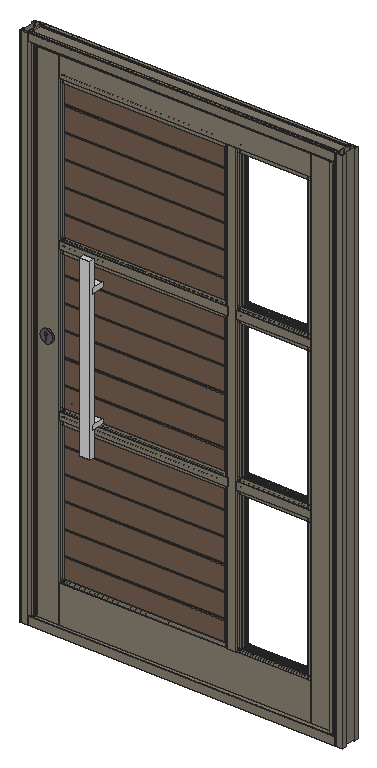
Revit family "Y1321P Y6 BZ K RH", category Doors, host Wall, Revit 2024 (continued)
Automatic sketch dimensions
  Extrusion 12 sketch curve to host wall = 17.1 mm  (x2)
  Extrusion 12 sketch curve to host wall = 19.7 mm
  Extrusion 12 sketch curve to Extrusion 12 sketch curve = 4.4 mm  (x2)
  Extrusion 12 sketch curve to Extrusion 12 sketch curve = 2.6 mm  (x2)
  Extrusion 12 sketch curve to Extrusion 12 sketch curve = 4.95 mm
  plane 5 to Extrusion 12 sketch curve = 46.5 mm
  Extrusion 12 sketch curve to Extrusion 12 sketch curve = 2 mm  (x4)
  Extrusion 12 sketch curve to Extrusion 12 sketch curve = 12.447 mm  (x4)
  Extrusion 12 sketch curve to Extrusion 12 sketch curve = 0.953 mm  (x20)
  Extrusion 12 sketch curve to Extrusion 12 sketch curve = 3 mm  (x11)
  Extrusion 12 sketch curve to Extrusion 12 sketch curve = 10.747 mm  (x3)
  Extrusion 12 sketch curve to Extrusion 12 sketch curve = 30.295 mm  (x2)
  Extrusion 12 sketch curve to Extrusion 12 sketch curve = 7.947 mm  (x2)
  Extrusion 12 sketch curve to Extrusion 12 sketch curve = 10.547 mm  (x2)
  Extrusion 12 sketch curve to Extrusion 12 sketch curve = 0.8 mm
  Extrusion 12 sketch curve to Extrusion 12 sketch curve = 1.205 mm
  Extrusion 12 sketch curve to Extrusion 12 sketch curve = 1.293 mm  (x2)
  Extrusion 12 sketch curve to Extrusion 12 sketch curve = 0.241 mm  (x2)
  Extrusion 12 sketch curve to Extrusion 12 sketch curve = 0.402 mm  (x2)
  Extrusion 12 sketch curve to Extrusion 12 sketch curve = 10.607 mm  (x2)
  Extrusion 12 sketch curve to Extrusion 12 sketch curve = 0.693 mm  (x2)
  Extrusion 12 sketch curve to Extrusion 12 sketch curve = 2.5 mm  (x2)
  Extrusion 12 sketch curve to Extrusion 12 sketch curve = 1.2 mm  (x2)
  level to Extrusion 12 sketch curve = 198.5 mm
  Extrusion 12 sketch curve to Extrusion 12 sketch curve = 0.993 mm
  Extrusion 12 sketch curve to Extrusion 12 sketch curve = 1.066 mm
  Extrusion 12 sketch curve to Extrusion 12 sketch curve = 0.405 mm
  level to Extrusion 12 sketch curve = 70.953 mm
  Extrusion 13 sketch curve to host wall = 0 mm
  Extrusion 13 sketch curve to host wall = 20 mm
  Extrusion 13 sketch curve to plane 3 "Left" = 269.704 mm
  Extrusion 13 sketch curve to Extrusion 13 sketch curve = 40 mm
  Extrusion 14 sketch curve to plane 3 "Left" = 269.704 mm  (x2)
  Extrusion 14 sketch curve to Extrusion 14 sketch curve = 40 mm  (x2)
  level to Extrusion 14 sketch curve = 805 mm
  Extrusion 14 sketch curve to Extrusion 14 sketch curve = 20 mm  (x2)
  Extrusion 14 sketch curve to Extrusion 14 sketch curve = 470 mm
  Extrusion 15 sketch curve to host wall = 18 mm
  Extrusion 15 sketch curve to plane 3 "Left" = 269.704 mm
  host wall to Extrusion 15 sketch curve = 2 mm
  Extrusion 15 sketch curve to Extrusion 15 sketch curve = 40 mm
  Extrusion 16 sketch curve to plane 3 "Left" = 269.704 mm  (x2)
  Extrusion 16 sketch curve to Extrusion 16 sketch curve = 40 mm  (x2)
  plane 5 to Extrusion 16 sketch curve = 805 mm
  Extrusion 16 sketch curve to Extrusion 16 sketch curve = 20 mm  (x2)
  Extrusion 16 sketch curve to Extrusion 16 sketch curve = 470 mm
  Extrusion 17 sketch curve to host wall = 22 mm  (x2)
  Extrusion 17 sketch curve to Extrusion 17 sketch curve = 1.8 mm  (x13)
  Extrusion 17 sketch curve to Extrusion 17 sketch curve = 4.9 mm  (x4)
  Extrusion 17 sketch curve to Extrusion 17 sketch curve = 1.4 mm  (x10)
  Extrusion 17 sketch curve to Extrusion 17 sketch curve = 0.4 mm  (x11)
  Extrusion 17 sketch curve to Extrusion 17 sketch curve = 1.5 mm  (x4)
  host wall to Extrusion 17 sketch curve = 2 mm  (x4)
  Extrusion 17 sketch curve to Extrusion 17 sketch curve = 3 mm  (x4)
  host wall to Extrusion 17 sketch curve = 14 mm  (x4)
  Extrusion 17 sketch curve to Extrusion 17 sketch curve = 8.4 mm  (x3)
  Extrusion 17 sketch curve to Extrusion 17 sketch curve = 1.2 mm  (x10)
  Extrusion 17 sketch curve to Extrusion 17 sketch curve = 1.6 mm  (x2)
  Extrusion 17 sketch curve to Extrusion 17 sketch curve = 1.381 mm  (x2)
  Extrusion 17 sketch curve to Extrusion 17 sketch curve = 3.619 mm  (x2)
  level to Extrusion 17 sketch curve = 749.9 mm
  Extrusion 17 sketch curve to Extrusion 17 sketch curve = 2.207 mm  (x2)
  Extrusion 17 sketch curve to Extrusion 17 sketch curve = 0.693 mm  (x4)
  Extrusion 17 sketch curve to Extrusion 17 sketch curve = 10.9 mm  (x2)
  Extrusion 17 sketch curve to Extrusion 17 sketch curve = 0 mm  (x5)
  Extrusion 17 sketch curve to Extrusion 17 sketch curve = 0.975 mm  (x6)
  Extrusion 17 sketch curve to Extrusion 17 sketch curve = 0.131 mm  (x4)
  Extrusion 17 sketch curve to Extrusion 17 sketch curve = 0.262 mm  (x4)
  Extrusion 17 sketch curve to Extrusion 17 sketch curve = 0.563 mm
  Extrusion 17 sketch curve to Extrusion 17 sketch curve = 1.494 mm  (x4)
  Extrusion 17 sketch curve to Extrusion 17 sketch curve = 21.2 mm  (x2)
  Extrusion 17 sketch curve to Extrusion 17 sketch curve = 1.363 mm  (x2)
  Extrusion 17 sketch curve to Extrusion 17 sketch curve = 10.607 mm  (x2)
  Extrusion 17 sketch curve to Extrusion 17 sketch curve = 2.5 mm  (x2)
  Extrusion 17 sketch curve to Extrusion 17 sketch curve = 552.2 mm
  Extrusion 17 sketch curve to Extrusion 17 sketch curve = 0.694 mm
  Extrusion 18 sketch curve to host wall = 22 mm  (x2)
  Extrusion 18 sketch curve to Extrusion 18 sketch curve = 1.8 mm  (x13)
  Extrusion 18 sketch curve to Extrusion 18 sketch curve = 4.9 mm  (x4)
  Extrusion 18 sketch curve to Extrusion 18 sketch curve = 1.4 mm  (x10)
  Extrusion 18 sketch curve to Extrusion 18 sketch curve = 0.4 mm  (x11)
  Extrusion 18 sketch curve to Extrusion 18 sketch curve = 1.5 mm  (x4)
  host wall to Extrusion 18 sketch curve = 2 mm  (x4)
  Extrusion 18 sketch curve to Extrusion 18 sketch curve = 3 mm  (x4)
  host wall to Extrusion 18 sketch curve = 14 mm  (x4)
  Extrusion 18 sketch curve to Extrusion 18 sketch curve = 8.4 mm  (x3)
  Extrusion 18 sketch curve to Extrusion 18 sketch curve = 1.2 mm  (x10)
  Extrusion 18 sketch curve to Extrusion 18 sketch curve = 1.6 mm  (x2)
  Extrusion 18 sketch curve to Extrusion 18 sketch curve = 1.381 mm  (x2)
  Extrusion 18 sketch curve to Extrusion 18 sketch curve = 3.619 mm  (x2)
  level to Extrusion 18 sketch curve = 749.9 mm
  Extrusion 18 sketch curve to Extrusion 18 sketch curve = 2.207 mm  (x2)
  Extrusion 18 sketch curve to Extrusion 18 sketch curve = 0.693 mm  (x4)
  Extrusion 18 sketch curve to Extrusion 18 sketch curve = 10.9 mm  (x2)
  Extrusion 18 sketch curve to Extrusion 18 sketch curve = 0 mm  (x5)
  Extrusion 18 sketch curve to Extrusion 18 sketch curve = 0.975 mm  (x6)
  Extrusion 18 sketch curve to Extrusion 18 sketch curve = 0.131 mm  (x4)
  Extrusion 18 sketch curve to Extrusion 18 sketch curve = 0.262 mm  (x4)
  Extrusion 18 sketch curve to Extrusion 18 sketch curve = 0.563 mm
  Extrusion 18 sketch curve to Extrusion 18 sketch curve = 1.494 mm  (x4)
  Extrusion 18 sketch curve to Extrusion 18 sketch curve = 21.2 mm  (x2)
  Extrusion 18 sketch curve to Extrusion 18 sketch curve = 1.363 mm  (x2)
  Extrusion 18 sketch curve to Extrusion 18 sketch curve = 10.607 mm  (x2)
  Extrusion 18 sketch curve to Extrusion 18 sketch curve = 2.5 mm  (x2)
  Extrusion 18 sketch curve to Extrusion 18 sketch curve = 552.2 mm
  Extrusion 18 sketch curve to Extrusion 18 sketch curve = 0.694 mm
  Extrusion 19 sketch curve to host wall = 22 mm
  Extrusion 19 sketch curve to Extrusion 19 sketch curve = 1.8 mm  (x6)
  Extrusion 19 sketch curve to Extrusion 19 sketch curve = 4.9 mm  (x2)
  Extrusion 19 sketch curve to Extrusion 19 sketch curve = 1.4 mm  (x5)
  Extrusion 19 sketch curve to Extrusion 19 sketch curve = 1.5 mm  (x2)
  host wall to Extrusion 19 sketch curve = 2 mm  (x2)
  Extrusion 19 sketch curve to Extrusion 19 sketch curve = 3 mm  (x2)
  Extrusion 19 sketch curve to Extrusion 19 sketch curve = 0.4 mm  (x5)
  host wall to Extrusion 19 sketch curve = 14 mm  (x2)
  Extrusion 19 sketch curve to Extrusion 19 sketch curve = 1.2 mm  (x7)
  Extrusion 19 sketch curve to Extrusion 19 sketch curve = 1.381 mm
  Extrusion 19 sketch curve to Extrusion 19 sketch curve = 3.2 mm
  plane 2 "Center (Left/Right)" to Extrusion 19 sketch curve = 158.5 mm
  Extrusion 19 sketch curve to Extrusion 19 sketch curve = 2.207 mm
  Extrusion 19 sketch curve to Extrusion 19 sketch curve = 0.693 mm  (x2)
  Extrusion 19 sketch curve to Extrusion 19 sketch curve = 10.9 mm
  Extrusion 19 sketch curve to Extrusion 19 sketch curve = 0 mm  (x2)
  Extrusion 19 sketch curve to Extrusion 19 sketch curve = 0.975 mm  (x4)
  Extrusion 19 sketch curve to Extrusion 19 sketch curve = 0.131 mm  (x2)
  Extrusion 19 sketch curve to Extrusion 19 sketch curve = 0.262 mm  (x2)
  Extrusion 19 sketch curve to Extrusion 19 sketch curve = 0.694 mm
  Extrusion 19 sketch curve to Extrusion 19 sketch curve = 0.563 mm
  Extrusion 19 sketch curve to Extrusion 19 sketch curve = 1.494 mm  (x2)
  Extrusion 19 sketch curve to Extrusion 19 sketch curve = 21.2 mm
  Extrusion 19 sketch curve to Extrusion 19 sketch curve = 1.363 mm
  Extrusion 19 sketch curve to Extrusion 19 sketch curve = 10.607 mm
  Extrusion 19 sketch curve to Extrusion 19 sketch curve = 2.5 mm
  plane 4 "Right" to Extrusion 20 sketch curve = 141.5 mm
  plane 2 "Center (Left/Right)" to Extrusion 20 sketch curve = 203.5 mm
  plane 5 to Extrusion 20 sketch curve = 742.9 mm
  Extrusion 20 sketch curve to Extrusion 20 sketch curve = 581.4 mm
  plane 4 "Right" to Extrusion 21 sketch curve = 141.5 mm
  plane 2 "Center (Left/Right)" to Extrusion 21 sketch curve = 203.5 mm
  level to Extrusion 21 sketch curve = 764.9 mm
  level to Extrusion 21 sketch curve = 183.5 mm
  host wall to Extrusion 22 sketch curve = 12 mm  (x4)
  Extrusion 22 sketch curve to Extrusion 22 sketch curve = 0 mm  (x11)
  host wall to Extrusion 22 sketch curve = 4.5 mm  (x5)
  Extrusion 22 sketch curve to host wall = 2.5 mm  (x5)
  Extrusion 22 sketch curve to Extrusion 22 sketch curve = 7.5 mm  (x6)
  plane 5 to Extrusion 22 sketch curve = 131.5 mm
  Extrusion 22 sketch curve to Extrusion 22 sketch curve = 90.2 mm  (x5)
  Extrusion 22 sketch curve to Extrusion 22 sketch curve = 8 mm  (x6)
  Extrusion 22 sketch curve to Extrusion 22 sketch curve = 90.4 mm
  host wall to Extrusion 23 sketch curve = 12 mm  (x4)
  Extrusion 23 sketch curve to Extrusion 23 sketch curve = 0 mm  (x11)
  host wall to Extrusion 23 sketch curve = 4.5 mm  (x5)
  Extrusion 23 sketch curve to host wall = 2.5 mm  (x5)
  Extrusion 23 sketch curve to Extrusion 23 sketch curve = 7.5 mm  (x6)
  plane 5 to Extrusion 23 sketch curve = 742.9 mm
  Extrusion 23 sketch curve to Extrusion 23 sketch curve = 90.2 mm  (x5)
  Extrusion 23 sketch curve to Extrusion 23 sketch curve = 8 mm  (x6)
  Extrusion 23 sketch curve to Extrusion 23 sketch curve = 90.4 mm
  host wall to Extrusion 24 sketch curve = 12 mm  (x4)
  Extrusion 24 sketch curve to Extrusion 24 sketch curve = 0 mm  (x11)
  host wall to Extrusion 24 sketch curve = 4.5 mm  (x5)
  Extrusion 24 sketch curve to host wall = 2.5 mm  (x5)
  Extrusion 24 sketch curve to Extrusion 24 sketch curve = 7.5 mm  (x6)
  level to Extrusion 24 sketch curve = 764.9 mm
  Extrusion 24 sketch curve to Extrusion 24 sketch curve = 90.2 mm  (x5)
  Extrusion 24 sketch curve to Extrusion 24 sketch curve = 8 mm  (x6)
  Extrusion 24 sketch curve to Extrusion 24 sketch curve = 90.4 mm
  plane 2 "Center (Left/Right)" to Sweep 25 sketch curve = 173.5 mm
  Sweep 25 sketch curve to plane 3 "Left" = 141.5 mm
  plane 5 to Sweep 25 sketch curve = 742.9 mm
  Sweep 25 sketch curve to Sweep 25 sketch curve = 582.2 mm
  profile plane to Sweep 25 sketch curve = 0 mm
  Sweep 25 sketch curve to Sweep 25 sketch curve = 0.6 mm  (x2)
  profile plane to Sweep 25 sketch curve = 1.9 mm
  Sweep 25 sketch curve to Sweep 25 sketch curve = 4.4 mm
  Sweep 25 sketch curve to Sweep 25 sketch curve = 1.2 mm  (x2)
  Sweep 25 sketch curve to Sweep 25 sketch curve = 1 mm  (x6)
  Sweep 25 sketch curve to Sweep 25 sketch curve = 1.5 mm
  Sweep 25 sketch curve to Sweep 25 sketch curve = 0.4 mm  (x2)
  Sweep 25 sketch curve to Sweep 25 sketch curve = 2 mm  (x4)
  Sweep 25 sketch curve to Sweep 25 sketch curve = 0.5 mm  (x2)
  Sweep 25 sketch curve to profile plane = 0.6 mm
  Sweep 25 sketch curve to Sweep 25 sketch curve = 1.1 mm
  Sweep 25 sketch curve to profile plane = 1.6 mm
  Sweep 25 sketch curve to Sweep 25 sketch curve = 0.75 mm
  profile plane to Sweep 25 sketch curve = 53 mm
  Sweep 25 sketch curve to Sweep 25 sketch curve = 1.4 mm
  Sweep 25 sketch curve to Sweep 25 sketch curve = 0 mm  (x2)
  Sweep 25 sketch curve to Sweep 25 sketch curve = 2.5 mm
  Sweep 25 sketch curve to Sweep 25 sketch curve = 8 mm
  Sweep 25 sketch curve to Sweep 25 sketch curve = 0.3 mm
  Sweep 25 sketch curve to Sweep 25 sketch curve = 10.5 mm
  Sweep 25 sketch curve to Sweep 25 sketch curve = 3.5 mm
  plane 2 "Center (Left/Right)" to Sweep 26 sketch curve = 173.5 mm
  Sweep 26 sketch curve to plane 3 "Left" = 141.5 mm
  level to Sweep 26 sketch curve = 764.9 mm
  level to Sweep 26 sketch curve = 183.5 mm
  profile plane to Sweep 26 sketch curve = 0 mm
  Sweep 26 sketch curve to Sweep 26 sketch curve = 0.6 mm  (x2)
  profile plane to Sweep 26 sketch curve = 1.9 mm
  Sweep 26 sketch curve to Sweep 26 sketch curve = 4.4 mm
  Sweep 26 sketch curve to Sweep 26 sketch curve = 1.2 mm  (x2)
  Sweep 26 sketch curve to Sweep 26 sketch curve = 1 mm  (x6)
  Sweep 26 sketch curve to Sweep 26 sketch curve = 1.5 mm
  Sweep 26 sketch curve to Sweep 26 sketch curve = 0.4 mm  (x2)
  Sweep 26 sketch curve to Sweep 26 sketch curve = 2 mm  (x4)
  Sweep 26 sketch curve to Sweep 26 sketch curve = 0.5 mm  (x2)
  Sweep 26 sketch curve to profile plane = 0.6 mm
  Sweep 26 sketch curve to Sweep 26 sketch curve = 1.1 mm
  Sweep 26 sketch curve to profile plane = 1.6 mm
  Sweep 26 sketch curve to Sweep 26 sketch curve = 0.75 mm
  profile plane to Sweep 26 sketch curve = 53 mm
  Sweep 26 sketch curve to Sweep 26 sketch curve = 1.4 mm
  Sweep 26 sketch curve to Sweep 26 sketch curve = 0 mm  (x2)
  Sweep 26 sketch curve to Sweep 26 sketch curve = 2.5 mm
  Sweep 26 sketch curve to Sweep 26 sketch curve = 8 mm
  Sweep 26 sketch curve to Sweep 26 sketch curve = 0.3 mm
  Sweep 26 sketch curve to Sweep 26 sketch curve = 10.5 mm
  Sweep 26 sketch curve to Sweep 26 sketch curve = 3.5 mm
  plane 4 "Right" to Sweep 27 sketch curve = 141.5 mm
  plane 2 "Center (Left/Right)" to Sweep 27 sketch curve = 203.5 mm
  plane 5 to Sweep 27 sketch curve = 130.4 mm
  Sweep 27 sketch curve to Sweep 27 sketch curve = 582.5 mm
  profile plane to Sweep 27 sketch curve = 0 mm
  Sweep 27 sketch curve to Sweep 27 sketch curve = 0.6 mm  (x2)
  profile plane to Sweep 27 sketch curve = 1.9 mm
  Sweep 27 sketch curve to Sweep 27 sketch curve = 4.4 mm
  Sweep 27 sketch curve to Sweep 27 sketch curve = 1.2 mm  (x2)
  Sweep 27 sketch curve to Sweep 27 sketch curve = 1 mm  (x6)
  Sweep 27 sketch curve to Sweep 27 sketch curve = 1.5 mm
  Sweep 27 sketch curve to Sweep 27 sketch curve = 0.4 mm  (x2)
  Sweep 27 sketch curve to Sweep 27 sketch curve = 2 mm  (x4)
  Sweep 27 sketch curve to Sweep 27 sketch curve = 0.5 mm  (x2)
  Sweep 27 sketch curve to profile plane = 0.6 mm
  Sweep 27 sketch curve to Sweep 27 sketch curve = 1.1 mm
  Sweep 27 sketch curve to profile plane = 1.6 mm
  Sweep 27 sketch curve to Sweep 27 sketch curve = 0.75 mm
  profile plane to Sweep 27 sketch curve = 53 mm
  Sweep 27 sketch curve to Sweep 27 sketch curve = 1.4 mm
  Sweep 27 sketch curve to Sweep 27 sketch curve = 0 mm  (x2)
  Sweep 27 sketch curve to Sweep 27 sketch curve = 2.5 mm
  Sweep 27 sketch curve to Sweep 27 sketch curve = 8 mm
  Sweep 27 sketch curve to Sweep 27 sketch curve = 0.3 mm
  Sweep 27 sketch curve to Sweep 27 sketch curve = 10.5 mm
  Sweep 27 sketch curve to Sweep 27 sketch curve = 3.5 mm
  profile plane to Sweep 28 sketch curve = 0 mm
  Sweep 28 sketch curve to Sweep 28 sketch curve = 0.6 mm  (x2)
  profile plane to Sweep 28 sketch curve = 1.9 mm
  Sweep 28 sketch curve to Sweep 28 sketch curve = 4.4 mm
  Sweep 28 sketch curve to Sweep 28 sketch curve = 1.2 mm  (x2)
  Sweep 28 sketch curve to Sweep 28 sketch curve = 1 mm  (x6)
  Sweep 28 sketch curve to Sweep 28 sketch curve = 1.5 mm
  Sweep 28 sketch curve to Sweep 28 sketch curve = 0.4 mm  (x2)
  Sweep 28 sketch curve to Sweep 28 sketch curve = 2 mm  (x4)
  Sweep 28 sketch curve to Sweep 28 sketch curve = 0.5 mm  (x2)
  Sweep 28 sketch curve to profile plane = 0.6 mm
  Sweep 28 sketch curve to Sweep 28 sketch curve = 1.1 mm
  Sweep 28 sketch curve to profile plane = 1.6 mm
  Sweep 28 sketch curve to Sweep 28 sketch curve = 0.75 mm
  profile plane to Sweep 28 sketch curve = 53 mm
  Sweep 28 sketch curve to Sweep 28 sketch curve = 1.4 mm
  Sweep 28 sketch curve to Sweep 28 sketch curve = 0 mm  (x2)
  Sweep 28 sketch curve to Sweep 28 sketch curve = 2.5 mm
  Sweep 28 sketch curve to Sweep 28 sketch curve = 8 mm
  Sweep 28 sketch curve to Sweep 28 sketch curve = 0.3 mm
  Sweep 28 sketch curve to Sweep 28 sketch curve = 10.5 mm
  Sweep 28 sketch curve to Sweep 28 sketch curve = 3.5 mm
  profile plane to Sweep 29 sketch curve = 0 mm
  Sweep 29 sketch curve to Sweep 29 sketch curve = 0.6 mm  (x2)
  profile plane to Sweep 29 sketch curve = 1.9 mm
  Sweep 29 sketch curve to Sweep 29 sketch curve = 4.4 mm
  Sweep 29 sketch curve to Sweep 29 sketch curve = 1.2 mm  (x2)
  Sweep 29 sketch curve to Sweep 29 sketch curve = 1 mm  (x6)
  Sweep 29 sketch curve to Sweep 29 sketch curve = 1.5 mm
  Sweep 29 sketch curve to Sweep 29 sketch curve = 0.4 mm  (x2)
  Sweep 29 sketch curve to Sweep 29 sketch curve = 2 mm  (x4)
  Sweep 29 sketch curve to Sweep 29 sketch curve = 0.5 mm  (x2)
  Sweep 29 sketch curve to profile plane = 0.6 mm
  Sweep 29 sketch curve to Sweep 29 sketch curve = 1.1 mm
  Sweep 29 sketch curve to profile plane = 1.6 mm
  Sweep 29 sketch curve to Sweep 29 sketch curve = 0.75 mm
  profile plane to Sweep 29 sketch curve = 53 mm
  Sweep 29 sketch curve to Sweep 29 sketch curve = 1.4 mm
  Sweep 29 sketch curve to Sweep 29 sketch curve = 0 mm  (x2)
  Sweep 29 sketch curve to Sweep 29 sketch curve = 2.5 mm
  Sweep 29 sketch curve to Sweep 29 sketch curve = 8 mm
  Sweep 29 sketch curve to Sweep 29 sketch curve = 0.3 mm
  Sweep 29 sketch curve to Sweep 29 sketch curve = 10.5 mm
  Sweep 29 sketch curve to Sweep 29 sketch curve = 3.5 mm
  plane 4 "Right" to Sweep 28 sketch curve = 141.5 mm
  plane 2 "Center (Left/Right)" to Sweep 28 sketch curve = 203.5 mm
  plane 5 to Sweep 28 sketch curve = 742.9 mm
  Sweep 28 sketch curve to Sweep 28 sketch curve = 582.2 mm
  plane 4 "Right" to Sweep 29 sketch curve = 141.5 mm
  plane 2 "Center (Left/Right)" to Sweep 29 sketch curve = 203.5 mm
  level to Sweep 29 sketch curve = 764.9 mm
  level to Sweep 29 sketch curve = 182.979 mm
  radius of Extrusion 7 sketch curve = 25 mm
  radius of Extrusion 8 sketch curve = 25 mm
